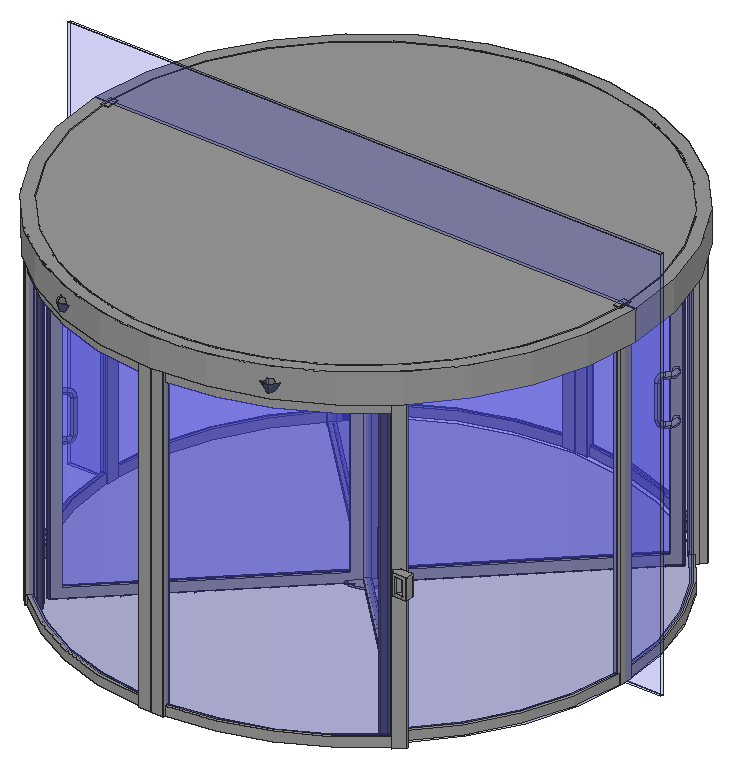
Revit family "Talos RDR-C01", category Türen, Revit 2016 (continued)
Automatic sketch dimensions
  Extrusion 5 sketch curve to Extrusion 5 sketch curve = 129.112 mm
  Extrusion 7 sketch curve to plane 9 = 20.00 mm
  plane 1 "Mitte (Vorne/Hinten)" to Extrusion 7 sketch curve = 42.50 mm
  Extrusion 11 sketch curve to plane 12 "180-1" = 83.00 mm
  level to Extrusion 12 sketch curve = 63.00 mm
  Extrusion 12 sketch curve to Extrusion 12 sketch curve = 1544.00 mm
  Extrusion 12 sketch curve to plane 8 "access height" = 63.00 mm
  level to Extrusion 13 sketch curve = 63.00 mm
  Extrusion 13 sketch curve to Extrusion 13 sketch curve = 1544.00 mm
  Extrusion 13 sketch curve to plane 8 "access height" = 63.00 mm
  level to Extrusion 14 sketch curve = 63.00 mm
  Extrusion 14 sketch curve to Extrusion 14 sketch curve = 1544.00 mm
  Extrusion 14 sketch curve to plane 8 "access height" = 63.00 mm
  plane 11 "180-4" to Extrusion 16 sketch curve = 83.00 mm
  level to Extrusion 16 sketch curve = 63.00 mm
  Extrusion 16 sketch curve to Extrusion 16 sketch curve = 1544.00 mm
  Extrusion 16 sketch curve to plane 8 "access height" = 63.00 mm
  plane 11 "180-4" to Extrusion 17 sketch curve = 83.00 mm
  level to Extrusion 17 sketch curve = 63.00 mm
  Extrusion 17 sketch curve to Extrusion 17 sketch curve = 1544.00 mm
  Extrusion 17 sketch curve to plane 8 "access height" = 63.00 mm
  Extrusion 19 sketch curve to plane 11 "180-4" = 83.00 mm
  level to Extrusion 19 sketch curve = 63.00 mm
  Extrusion 19 sketch curve to Extrusion 19 sketch curve = 1544.00 mm
  Extrusion 19 sketch curve to plane 8 "access height" = 63.00 mm
  Extrusion 20 sketch curve to plane 11 "180-4" = 83.00 mm
  level to Extrusion 20 sketch curve = 63.00 mm
  Extrusion 20 sketch curve to Extrusion 20 sketch curve = 1544.00 mm
  Extrusion 20 sketch curve to plane 8 "access height" = 63.00 mm
  Extrusion 21 sketch curve to plane 10 = 20.00 mm
  Extrusion 21 sketch curve to plane 1 "Mitte (Vorne/Hinten)" = 42.50 mm
  Extrusion 27 sketch curve to Extrusion 27 sketch curve = 1544.00 mm
  level to Extrusion 28 sketch curve = 63.00 mm
  Extrusion 28 sketch curve to Extrusion 28 sketch curve = 1544.00 mm
  Extrusion 28 sketch curve to plane 8 "access height" = 63.00 mm
  Extrusion 30 sketch curve to Extrusion 30 sketch curve = 1544.00 mm
  level to Extrusion 31 sketch curve = 63.00 mm
  Extrusion 31 sketch curve to Extrusion 31 sketch curve = 1544.00 mm
  Extrusion 31 sketch curve to plane 8 "access height" = 63.00 mm
  Extrusion 33 sketch curve to Extrusion 33 sketch curve = 1544.00 mm
  level to Extrusion 34 sketch curve = 63.00 mm
  Extrusion 34 sketch curve to Extrusion 34 sketch curve = 1544.00 mm
  Extrusion 34 sketch curve to plane 8 "access height" = 63.00 mm
  Extrusion 49 sketch curve to Extrusion 49 sketch curve = 0.00 mm  (x2)
  Extrusion 8 sketch curve to plane 9 = 9.336 mm
  plane 1 "Mitte (Vorne/Hinten)" to Extrusion 63 sketch curve = 0.00 mm
  Extrusion 63 sketch curve to plane 3 "Mitte (Links/Rechts)" = 0.00 mm
  curve 1 to curve 2 = 0.00 mm  (x2)
  curve 1 to curve 3 = 0.00 mm  (x2)
  curve 3 to curve 4 = 0.00 mm  (x2)
  curve 5 to plane 11 "180-4" = 0.00 mm
  curve 32 to plane 16 "120-2" = 0.00 mm
  curve 33 to plane 15 "120-1" = 0.00 mm
  plane 1 "Mitte (Vorne/Hinten)" to curve 4 = 0.00 mm
  curve 4 to plane 3 "Mitte (Links/Rechts)" = 0.00 mm
  plane 17 "120-3" to curve 32 = 0.00 mm
  curve 31 to plane 3 "Mitte (Links/Rechts)" = 3.486 mm
  curve 33 to plane 1 "Mitte (Vorne/Hinten)" = 22.943 mm
  curve 32 to plane 1 "Mitte (Vorne/Hinten)" = 16.905 mm
  plane 4 "Section L" to curve 5 = 6.212 mm
  plane 4 "Section L" to curve 8 = 6.212 mm
  plane 3 "Mitte (Links/Rechts)" to curve 9 = 120.941 mm
  curve 6 to plane 5 "Section R" = 6.212 mm
  curve 7 to plane 5 "Section R" = 6.212 mm
  Extrusion 2 sketch curve to Extrusion 2 sketch curve = 0.00 mm  (x6)
  plane 1 "Mitte (Vorne/Hinten)" to Extrusion 2 sketch curve = 0.00 mm
  Extrusion 2 sketch curve to plane 3 "Mitte (Links/Rechts)" = 0.00 mm
  plane 1 "Mitte (Vorne/Hinten)" to Extrusion 4 sketch curve = 0.00 mm
  Extrusion 4 sketch curve to plane 3 "Mitte (Links/Rechts)" = 0.00 mm
  Extrusion 6 sketch curve to Extrusion 6 sketch curve = 0.00 mm  (x6)
  plane 1 "Mitte (Vorne/Hinten)" to Extrusion 6 sketch curve = 0.00 mm
  Extrusion 6 sketch curve to plane 3 "Mitte (Links/Rechts)" = 0.00 mm
  Extrusion 10 sketch curve to level = 0.00 mm
  Extrusion 10 sketch curve to plane 8 "access height" = 0.00 mm
  Extrusion 15 sketch curve to level = 0.00 mm
  Extrusion 15 sketch curve to plane 8 "access height" = 0.00 mm
  level to Extrusion 18 sketch curve = 0.00 mm
  plane 8 "access height" to Extrusion 18 sketch curve = 0.00 mm
  Extrusion 26 sketch curve to plane 8 "access height" = 0.00 mm
  Extrusion 26 sketch curve to level = 0.00 mm
  Extrusion 29 sketch curve to plane 8 "access height" = 0.00 mm
  Extrusion 29 sketch curve to level = 0.00 mm
  plane 8 "access height" to Extrusion 32 sketch curve = 0.00 mm
  level to Extrusion 32 sketch curve = 0.00 mm
  Extrusion 35 sketch curve to Extrusion 35 sketch curve = 0.00 mm
  plane 1 "Mitte (Vorne/Hinten)" to Extrusion 35 sketch curve = 0.00 mm
  Extrusion 35 sketch curve to plane 3 "Mitte (Links/Rechts)" = 0.00 mm
  Extrusion 44 sketch curve to Extrusion 44 sketch curve = 0.00 mm
  plane 1 "Mitte (Vorne/Hinten)" to Extrusion 44 sketch curve = 0.00 mm
  Extrusion 44 sketch curve to plane 3 "Mitte (Links/Rechts)" = 0.00 mm
  Extrusion 45 sketch curve to plane 3 "Mitte (Links/Rechts)" = 0.00 mm
  Extrusion 45 sketch curve to Extrusion 45 sketch curve = 1.80 mm  (x2)
  Extrusion 45 sketch curve to Extrusion 45 sketch curve = 2.00 mm
  Extrusion 45 sketch curve to plane 3 "Mitte (Links/Rechts)" = 2.00 mm
  Extrusion 46 sketch curve to Extrusion 46 sketch curve = 2.00 mm  (x4)
  Extrusion 46 sketch curve to plane 3 "Mitte (Links/Rechts)" = 0.00 mm
  Extrusion 47 sketch curve to Extrusion 47 sketch curve = 2.00 mm  (x4)
  plane 12 "180-1" to Extrusion 47 sketch curve = 65.00 mm
  Extrusion 48 sketch curve to Extrusion 48 sketch curve = 2.00 mm  (x4)
  plane 11 "180-4" to Extrusion 48 sketch curve = 19.999 mm
  Extrusion 50 sketch curve to Extrusion 50 sketch curve = 0.00 mm  (x2)
  plane 1 "Mitte (Vorne/Hinten)" to Extrusion 50 sketch curve = 0.00 mm
  Extrusion 50 sketch curve to plane 3 "Mitte (Links/Rechts)" = 0.00 mm
  Extrusion 51 sketch curve to Extrusion 51 sketch curve = 0.00 mm  (x2)
  plane 1 "Mitte (Vorne/Hinten)" to Extrusion 51 sketch curve = 0.00 mm
  Extrusion 51 sketch curve to plane 3 "Mitte (Links/Rechts)" = 0.00 mm
  Extrusion 51 sketch curve to plane 3 "Mitte (Links/Rechts)" = 85.00 mm
  Extrusion 54 sketch curve to Extrusion 54 sketch curve = 1.80 mm  (x2)
  plane 3 "Mitte (Links/Rechts)" to Extrusion 54 sketch curve = 0.00 mm
  Extrusion 54 sketch curve to Extrusion 54 sketch curve = 2.00 mm  (x2)
  Extrusion 55 sketch curve to Extrusion 55 sketch curve = 2.00 mm  (x4)
  plane 3 "Mitte (Links/Rechts)" to Extrusion 55 sketch curve = 0.00 mm
  Extrusion 56 sketch curve to Extrusion 56 sketch curve = 2.00 mm  (x4)
  Extrusion 56 sketch curve to plane 11 "180-4" = 20.00 mm
  Extrusion 57 sketch curve to Extrusion 57 sketch curve = 2.00 mm  (x4)
  Extrusion 57 sketch curve to plane 12 "180-1" = 65.00 mm
  Extrusion 58 sketch curve to Extrusion 58 sketch curve = 0.00 mm  (x2)
  plane 1 "Mitte (Vorne/Hinten)" to Extrusion 58 sketch curve = 0.00 mm
  Extrusion 58 sketch curve to plane 3 "Mitte (Links/Rechts)" = 0.00 mm
  Extrusion 59 sketch curve to Extrusion 59 sketch curve = 0.00 mm  (x2)
  Extrusion 59 sketch curve to plane 12 "180-1" = 0.00 mm
  Extrusion 59 sketch curve to plane 17 "120-3" = 0.00 mm
  plane 3 "Mitte (Links/Rechts)" to Extrusion 59 sketch curve = 85.00 mm
  radius of Extrusion 63 sketch curve = 117.00 mm
Nested families
  nested 1: "rubber profile" at (-1194.457, 1286.404, 0) x (0.7071, -0.7071, 0) z (0, 0, 1), type "rubber profile"
    with ClearHeight 2100.00 mm
  nested 2: "rubber profile" at (1194.503, 1286.404, 0) x (-0.7071, -0.7071, 0) z (0, 0, 1), type "rubber profile"
    with ClearHeight 2100.00 mm
  nested 3: "rubber profile" at (-1194.457, -1286.404, 0) x (0.7071, 0.7071, 0) z (0, 0, 1), type "rubber profile"
    with ClearHeight 2100.00 mm
  nested 4: "rubber profile" at (1194.503, -1286.404, 0) x (-0.7071, 0.7071, 0) z (0, 0, 1), type "rubber profile"
    with ClearHeight 2100.00 mm
  nested 5: "handle" at (-1157.597, 1185.905, 0) x (0.7071, -0.7071, 0) z (0, 0, 1), visible <- "HasGrabHandles 180", type "handle"
  nested 6: "handle" at (164.375, 1649.073, 0) x (-0.0872, -0.9962, 0) z (0, 0, 1), visible <- "HasGrabHandles 120", type "handle"
  nested 7: "handle" at (1347.115, -967.66, 0) x (-0.8192, 0.5736, 0) z (0, 0, 1), visible <- "HasGrabHandles 120", type "handle"
  nested 8: "handle" at (1157.643, -1185.905, 0) x (-0.7071, 0.7071, 0) z (0, 0, 1), visible <- "HasGrabHandles 180", type "handle"
  nested 9: "handle" at (-1186.856, -1158.594, 0) x (0.7071, 0.7071, 0) z (0, 0, 1), visible <- "HasGrabHandles 180", type "handle"
  nested 10: "handle" at (-1511.541, -682.786, 0) x (0.9063, 0.4226, 0) z (0, 0, 1), visible <- "HasGrabHandles 120", type "handle"
  nested 11: "handle" at (1185.928, 1157.62, 0) x (-0.7071, -0.7071, 0) z (0, 0, 1), visible <- "HasGrabHandles 180", type "handle"
  nested 12: "console" at (1247.36, -1339.26, 950) x (0.7071, -0.7071, 0) z (0, 0, 1), visible <- "HasConsoleS1", type <- "ConsoleType", type "Type 4"
  nested 13: "console" at (-1247.313, 1339.26, 950) x (-0.7071, 0.7071, 0) z (0, 0, 1), visible <- "HasConsoleS1", type <- "ConsoleType", type "Type 4"
  nested 14: "emergencyStop" at (1318.306, 1364.154, 950), visible <- "ShutOffDevice", type "emergencyStop"
  nested 15: "emergencyStop" at (-1318.26, -1364.154, 950) x (-1, 0, 0) z (0, 0, 1), visible <- "ShutOffDeviceInside", type "emergencyStop"
  nested 16: "radar" at (697.272, -1683.309, 2146) x (0.9239, 0.3827, 0) z (0, 0, 1), visible <- "HasMotionSensor", type "radar"
  nested 17: "radar" at (-697.226, -1683.309, 2146) x (0.9239, -0.3827, 0) z (0, 0, 1), visible <- "HasMotionSensor", type "radar"
  nested 18: "radar" at (697.272, 1683.309, 2146) x (0.9239, -0.3827, 0) z (0, 0, 1), visible <- "HasMotionSensor", type "radar"
  nested 19: "radar" at (-697.226, 1683.309, 2146) x (0.9239, 0.3827, 0) z (0, 0, 1), visible <- "HasMotionSensor", type "radar"
Definition of nested family "rubber profile"
  Parameters
    RubberMaterial = none
    ClearHeight [instance] = 860.00 mm
  Reference planes
    plane 1 "Mitte (Vorne/Hinten)": y = 0
    plane 2: z = 0
    plane 3 "Mitte (Links/Rechts)": x = 0
    plane 4: z = 860
  Forms (mm)
    Extrusion 1, solid, material <- "RubberMaterial"
      sketch origin (959.147, -87.353, 0) x (0.707107, 0.707107, 0) y (-0.707107, 0.707107, 0)
        loop
          arc (-590.457, 784.714) -> (-606.688, 774.354) -> (-621.477, 762.023) r 151.839
          arc (-621.477, 762.023) -> (-625.471, 757.342) -> (-628.391, 751.926) r 29.082
          line (-628.391, 751.926) -> (-604.513, 728.049)
          arc (-604.513, 728.049) -> (-599.097, 730.968) -> (-594.416, 734.962) r 29.082
          arc (-594.416, 734.962) -> (-582.085, 749.751) -> (-571.725, 765.982) r 151.839
          arc (-571.725, 765.982) -> (-574.044, 782.395) -> (-590.457, 784.714) r 13.785
      from 0 to 860
  Dimensions and locks
    "ClearHeight": plane 2 to plane 4
    aligned and locked: level to plane 2
    aligned and locked: plane 4 to Extrusion 1
  Automatic sketch dimensions
    plane 1 "Mitte (Vorne/Hinten)" to Extrusion 1 sketch curve = 0.00 mm  (x2)
    Extrusion 1 sketch curve to plane 3 "Mitte (Links/Rechts)" = 0.00 mm
    Extrusion 1 sketch curve to plane 1 "Mitte (Vorne/Hinten)" = 7.937 mm
    Extrusion 1 sketch curve to plane 3 "Mitte (Links/Rechts)" = 132.648 mm
    Extrusion 1 sketch curve to Extrusion 1 sketch curve = 76.246 mm  (x2)
    Extrusion 1 sketch curve to Extrusion 1 sketch curve = 12.864 mm  (x2)
    Extrusion 1 sketch curve to Extrusion 1 sketch curve = 11.013 mm
    Extrusion 1 sketch curve to Extrusion 1 sketch curve = 3.039 mm
    Extrusion 1 sketch curve to Extrusion 1 sketch curve = 17.683 mm
    Extrusion 1 sketch curve to Extrusion 1 sketch curve = 87.47 mm
    Extrusion 1 sketch curve to Extrusion 1 sketch curve = 7.059 mm
    Extrusion 1 sketch curve to Extrusion 1 sketch curve = 0.00 mm  (x3)
Definition of nested family "handle"
  Parameters
    HandleMaterial = none
  Reference planes
    plane 1 "Mitte (Vorne/Hinten)": y = 0
    plane 2: z = 0
    plane 3 "Mitte (Links/Rechts)": x = 0
  Forms (mm)
    Sweep 1, solid, material <- "HandleMaterial"
      path in 3D
        loop
          line (0, 0, 1200) -> (0, 37, 1200)
          arc (0, 37, 1200) -> (10.251, 61.749, 1200) -> (35, 72, 1200) r 35
          line (35, 72, 1200) -> (70, 72, 1200)
          arc (70, 72, 1200) -> (94.749, 72, 1189.749) -> (105, 72, 1165) r 35
          line (105, 72, 1165) -> (105, 72, 935)
          arc (105, 72, 935) -> (94.749, 72, 910.251) -> (70, 72, 900) r 35
          line (70, 72, 900) -> (35, 72, 900)
          arc (35, 72, 900) -> (10.251, 61.749, 900) -> (0, 37, 900) r 35
          line (0, 37, 900) -> (0, 0, 900)
      profile origin (0, 18.5, 1200) x (-1, 0, 0) y (0, 0, 1)
        loop
          circle (0, 0) r 16
  Lines and regions (mm)
    sketch lines
      curve 1: line (0, 0, 1200) -> (0, 37, 1200)
      curve 2: arc (0, 37, 1200) -> (10.251, 61.749, 1200) -> (35, 72, 1200) r 35
      curve 3: line (70, 72, 1200) -> (35, 72, 1200)
      curve 4: arc (70, 72, 1200) -> (94.749, 72, 1189.749) -> (105, 72, 1165) r 35
      curve 5: line (105, 72, 1165) -> (105, 72, 935)
      curve 6: arc (70, 72, 900) -> (94.749, 72, 910.251) -> (105, 72, 935) r 35
      curve 7: line (70, 72, 900) -> (35, 72, 900)
      curve 8: arc (0, 37, 900) -> (10.251, 61.749, 900) -> (35, 72, 900) r 35
      curve 9: line (0, 0, 900) -> (0, 37, 900)
  Dimensions and locks
    aligned and locked: level to plane 2
Definition of nested family "console"
  Parameters
    OpeningStart = 18.00 mm
    ConsoleHeight = 138.00 mm
  Reference planes
    plane 1 "Mitte (Vorne/Hinten)": y = 0
    plane 2: z = 0
    plane 3 "Mitte (Links/Rechts)": x = 0
    plane 4 "loch": through (36.581, 1.377, 1200) normal (-0.7071, 0.7071, 0)
    plane 5: z = 20
    plane 6: z = 122
    plane 7: z = 140
    plane 8: z = 2
    plane 9: z = 142
  Forms (mm)
    Extrusion 1, solid
      sketch origin (0, 0, 0) x (1, 0, 0) y (0, 1, 0)
        loop
          arc (1.377, 51.025) -> (0.358, 49.5) -> (0, 47.701) r 4.7
          line (0, 47.701) -> (0, 4.7)
          arc (0, 4.7) -> (1.377, 1.377) -> (4.7, 0) r 4.7
          line (4.7, 0) -> (33.258, 0)
          arc (33.258, 0) -> (35.056, 0.358) -> (36.581, 1.377) r 4.7
          line (36.581, 1.377) -> (99.094, 63.889)
          arc (99.094, 63.889) -> (100.471, 67.213) -> (99.094, 70.536) r 4.7
          line (99.094, 70.536) -> (63.315, 106.316)
          arc (63.315, 106.316) -> (59.991, 107.692) -> (56.668, 106.316) r 4.7
          line (56.668, 106.316) -> (1.377, 51.025)
      from 0 to 2
    Extrusion 2, solid
      sketch origin (0, 0, 0) x (1, 0, 0) y (0, 1, 0)
        loop
          arc (1.377, 51.025) -> (0.358, 49.5) -> (0, 47.701) r 4.7
          line (0, 47.701) -> (0, 4.7)
          arc (0, 4.7) -> (1.377, 1.377) -> (4.7, 0) r 4.7
          line (4.7, 0) -> (33.258, 0)
          arc (33.258, 0) -> (35.056, 0.358) -> (36.581, 1.377) r 4.7
          line (36.581, 1.377) -> (99.094, 63.889)
          arc (99.094, 63.889) -> (100.471, 67.213) -> (99.094, 70.536) r 4.7
          line (99.094, 70.536) -> (63.315, 106.316)
          arc (63.315, 106.316) -> (59.991, 107.692) -> (56.668, 106.316) r 4.7
          line (56.668, 106.316) -> (1.377, 51.025)
      from 140 to 142
    Extrusion 3, solid
      sketch origin (0, 0, 0) x (1, 0, 0) y (0, 1, 0)
        loop
          arc (1.377, 51.025) -> (0.358, 49.5) -> (0, 47.701) r 4.7
          line (0, 47.701) -> (0, 4.7)
          arc (0, 4.7) -> (1.377, 1.377) -> (4.7, 0) r 4.7
          line (4.7, 0) -> (33.258, 0)
          arc (33.258, 0) -> (35.056, 0.358) -> (36.581, 1.377) r 4.7
          line (36.581, 1.377) -> (99.094, 63.889)
          arc (99.094, 63.889) -> (100.471, 67.213) -> (99.094, 70.536) r 4.7
          line (99.094, 70.536) -> (63.315, 106.316)
          arc (63.315, 106.316) -> (59.991, 107.692) -> (56.668, 106.316) r 4.7
          line (56.668, 106.316) -> (1.377, 51.025)
        loop
          line (58.153, 104.831) -> (2.862, 49.54)
          arc (2.862, 49.54) -> (2.298, 48.696) -> (2.1, 47.701) r 2.6
          line (2.1, 47.701) -> (2.1, 4.7)
          arc (2.1, 4.7) -> (2.862, 2.862) -> (4.7, 2.1) r 2.6
          line (4.7, 2.1) -> (33.258, 2.1)
          arc (33.258, 2.1) -> (34.253, 2.298) -> (35.096, 2.862) r 2.6
          line (35.096, 2.862) -> (97.609, 65.374)
          arc (97.609, 65.374) -> (98.371, 67.213) -> (97.609, 69.051) r 2.6
          line (97.609, 69.051) -> (61.83, 104.831)
          arc (61.83, 104.831) -> (59.991, 105.592) -> (58.153, 104.831) r 2.6
      from 2 to 140
    Extrusion 4, void
      sketch origin (17.602, -17.602, -32.1) x (-0.707107, -0.707107, 0) y (0, 0, 1)
        loop
          line (-46.447, 154.1) -> (-95.447, 154.1)
          arc (-95.447, 154.1) -> (-97.215, 153.368) -> (-97.947, 151.6) r 2.5
          line (-97.947, 151.6) -> (-97.947, 54.6)
          arc (-97.947, 54.6) -> (-97.215, 52.832) -> (-95.447, 52.1) r 2.5
          line (-95.447, 52.1) -> (-46.447, 52.1)
          arc (-46.447, 52.1) -> (-44.679, 52.832) -> (-43.947, 54.6) r 2.5
          line (-43.947, 54.6) -> (-43.947, 151.6)
          arc (-43.947, 151.6) -> (-44.679, 153.368) -> (-46.447, 154.1) r 2.5
      from 0 to 2
  Cuts and joins
    Extrusion 4 cuts Extrusion 3
    joined: Extrusion 1, Extrusion 2, Extrusion 3
  Dimensions and locks
    "ConsoleHeight": plane 8 to plane 7
    locked: plane 2 to plane 8 at 2
    plane 6 to plane 7 to plane 9 = 18.00 mm locked, 2.00 mm locked
    "OpeningStart": plane 8 to plane 5
    aligned and locked: level to plane 2
    aligned and locked: Extrusion 2 to Extrusion 3
    aligned and locked: Extrusion 1 to level
    aligned and locked: Extrusion 3 to Extrusion 1
    aligned and locked: plane 6 to Extrusion 4
    aligned and locked: Extrusion 4 to plane 5
    aligned and locked: plane 9 to Extrusion 2
    aligned and locked: plane 7 to cut or joined group of Extrusion 1, Extrusion 2, Extrusion 3, Extrusion 4
    aligned and locked: plane 6 to cut or joined group of Extrusion 1, Extrusion 2, Extrusion 3, Extrusion 4
  Automatic sketch dimensions
    Extrusion 1 sketch curve to plane 3 "Mitte (Links/Rechts)" = 0.00 mm
    plane 1 "Mitte (Vorne/Hinten)" to Extrusion 1 sketch curve = 0.00 mm
    Extrusion 1 sketch curve to plane 4 "loch" = 0.00 mm  (x2)
    plane 3 "Mitte (Links/Rechts)" to Extrusion 1 sketch curve = 1.377 mm
    plane 3 "Mitte (Links/Rechts)" to Extrusion 1 sketch curve = 4.70 mm
    Extrusion 1 sketch curve to Extrusion 1 sketch curve = 4.70 mm
    Extrusion 1 sketch curve to plane 1 "Mitte (Vorne/Hinten)" = 4.70 mm
    Extrusion 1 sketch curve to plane 1 "Mitte (Vorne/Hinten)" = 1.377 mm
    plane 3 "Mitte (Links/Rechts)" to Extrusion 1 sketch curve = 56.668 mm
    Extrusion 1 sketch curve to Extrusion 1 sketch curve = 3.323 mm  (x4)
    Extrusion 1 sketch curve to Extrusion 1 sketch curve = 35.78 mm  (x2)
    Extrusion 1 sketch curve to plane 1 "Mitte (Vorne/Hinten)" = 70.536 mm
    Extrusion 1 sketch curve to plane 1 "Mitte (Vorne/Hinten)" = 63.889 mm
    Extrusion 1 sketch curve to Extrusion 1 sketch curve = 43.001 mm
    Extrusion 2 sketch curve to plane 3 "Mitte (Links/Rechts)" = 0.00 mm
    plane 1 "Mitte (Vorne/Hinten)" to Extrusion 2 sketch curve = 0.00 mm
    Extrusion 2 sketch curve to plane 4 "loch" = 0.00 mm  (x2)
    plane 3 "Mitte (Links/Rechts)" to Extrusion 2 sketch curve = 1.377 mm
    plane 3 "Mitte (Links/Rechts)" to Extrusion 2 sketch curve = 4.70 mm
    Extrusion 2 sketch curve to Extrusion 2 sketch curve = 4.70 mm
    Extrusion 2 sketch curve to plane 1 "Mitte (Vorne/Hinten)" = 4.70 mm
    Extrusion 2 sketch curve to plane 1 "Mitte (Vorne/Hinten)" = 1.377 mm
    plane 3 "Mitte (Links/Rechts)" to Extrusion 2 sketch curve = 56.668 mm
    Extrusion 2 sketch curve to Extrusion 2 sketch curve = 3.323 mm  (x4)
    Extrusion 2 sketch curve to Extrusion 2 sketch curve = 35.78 mm  (x2)
    Extrusion 2 sketch curve to plane 1 "Mitte (Vorne/Hinten)" = 70.536 mm
    Extrusion 2 sketch curve to plane 1 "Mitte (Vorne/Hinten)" = 63.889 mm
    Extrusion 2 sketch curve to Extrusion 2 sketch curve = 43.001 mm
    Extrusion 3 sketch curve to Extrusion 3 sketch curve = 0.00 mm  (x10)
    Extrusion 3 sketch curve to plane 3 "Mitte (Links/Rechts)" = 0.00 mm
    plane 1 "Mitte (Vorne/Hinten)" to Extrusion 3 sketch curve = 0.00 mm
    Extrusion 3 sketch curve to plane 4 "loch" = 0.00 mm  (x2)
    plane 3 "Mitte (Links/Rechts)" to Extrusion 3 sketch curve = 1.377 mm
    Extrusion 3 sketch curve to Extrusion 3 sketch curve = 2.10 mm
    Extrusion 3 sketch curve to Extrusion 3 sketch curve = 0.762 mm
    plane 3 "Mitte (Links/Rechts)" to Extrusion 3 sketch curve = 4.70 mm
    Extrusion 3 sketch curve to Extrusion 3 sketch curve = 1.838 mm  (x6)
    Extrusion 3 sketch curve to Extrusion 3 sketch curve = 28.558 mm
    Extrusion 3 sketch curve to plane 1 "Mitte (Vorne/Hinten)" = 2.862 mm
    Extrusion 3 sketch curve to plane 1 "Mitte (Vorne/Hinten)" = 1.377 mm
    plane 3 "Mitte (Links/Rechts)" to Extrusion 3 sketch curve = 56.668 mm
    Extrusion 3 sketch curve to Extrusion 3 sketch curve = 1.485 mm  (x5)
    Extrusion 3 sketch curve to Extrusion 3 sketch curve = 35.78 mm  (x2)
    Extrusion 3 sketch curve to plane 1 "Mitte (Vorne/Hinten)" = 63.889 mm
    Extrusion 3 sketch curve to plane 1 "Mitte (Vorne/Hinten)" = 70.536 mm
    Extrusion 3 sketch curve to Extrusion 3 sketch curve = 43.001 mm
    plane 5 to Extrusion 4 sketch curve = 0.00 mm
    plane 6 to Extrusion 4 sketch curve = 0.00 mm
    plane 5 to Extrusion 4 sketch curve = 2.50 mm
    Extrusion 4 sketch curve to Extrusion 4 sketch curve = 2.50 mm
    Extrusion 4 sketch curve to Extrusion 4 sketch curve = 49.00 mm  (x2)
    Extrusion 4 sketch curve to plane 6 = 2.50 mm
Definition of nested family "emergencyStop"
  Reference planes
    plane 1 "Mitte (Vorne/Hinten)": y = 0
    plane 2: z = 0
    plane 3 "Mitte (Links/Rechts)": x = 0
  Forms (mm)
    Extrusion 1, solid
      sketch origin (0, 0, 0) x (1, 0, 0) y (0, 1, 0)
        loop
          arc (-33.893, 60) -> (-35.692, 59.642) -> (-37.217, 58.623) r 4.7
          line (-37.217, 58.623) -> (-61.047, 34.793) -> (-67.623, 28.217)
          arc (-67.623, 28.217) -> (-69, 24.893) -> (-67.623, 21.57) r 4.7
          line (-67.623, 21.57) -> (-47.43, 1.377)
          arc (-47.43, 1.377) -> (-45.905, 0.358) -> (-44.107, 0) r 4.7
          line (-44.107, 0) -> (44.3, 0)
          arc (44.3, 0) -> (47.623, 1.377) -> (49, 4.7) r 4.7
          line (49, 4.7) -> (49, 55.3)
          arc (49, 55.3) -> (47.623, 58.623) -> (44.3, 60) r 4.7
          line (44.3, 60) -> (-33.893, 60)
      from 0 to 93
    Extrusion 2, solid
      sketch origin (0, 0, 0) x (1, 0, 0) y (0, 0, 1)
        loop
          line (29.15, 80.65) -> (-29.15, 80.65)
          arc (-29.15, 80.65) -> (-32.686, 79.186) -> (-34.15, 75.65) r 5
          line (-34.15, 75.65) -> (-34.15, 17.35)
          arc (-34.15, 17.35) -> (-32.686, 13.814) -> (-29.15, 12.35) r 5
          line (-29.15, 12.35) -> (29.15, 12.35)
          arc (29.15, 12.35) -> (32.686, 13.814) -> (34.15, 17.35) r 5
          line (34.15, 17.35) -> (34.15, 75.65)
          arc (34.15, 75.65) -> (32.686, 79.186) -> (29.15, 80.65) r 5
      from 0 to 5
    Extrusion 3, solid
      sketch origin (0, 0, 0) x (1, 0, 0) y (0, 0, 1)
        loop
          circle (0, 46.5) r 14
      from 5 to 11.5
    Extrusion 4, solid
      sketch origin (0, 0, 0) x (1, 0, 0) y (0, 0, 1)
        loop
          circle (0, 46.5) r 17.5
      from 11.5 to 42.662
  Dimensions and locks
    aligned and locked: level to plane 2
Definition of nested family "radar"
  Reference planes
    plane 1 "Mitte (Vorne/Hinten)": y = 0
    plane 2: z = 0
    plane 3 "Mitte (Links/Rechts)": x = 0
  Forms (mm)
    Blend 1, solid
      base sketch origin (0, 0, 0) x (1, 0, 0) y (0, 1, 0)
        loop
          spline (-60.45, 0) -> (-59.155, -6.959) -> (-55.927, -13.157) -> (-51.487, -18.421) -> (-46.303, -22.716) -> (-40.758, -26.39) -> (-35.188, -30.007) -> (-29.772, -33.862) -> (-24.41, -37.889) -> (-19.005, -41.952) -> (-13.271, -45.784) -> (-6.991, -48.733) -> (0, -49.951)
          spline (0, -49.951) -> (6.991, -48.733) -> (13.271, -45.784) -> (19.005, -41.952) -> (24.41, -37.889) -> (29.772, -33.862) -> (35.188, -30.007) -> (40.758, -26.39) -> (46.303, -22.716) -> (51.487, -18.421) -> (55.927, -13.157) -> (59.155, -6.959) -> (60.45, 0)
          line (60.45, 0) -> (-60.45, 0)
      top sketch origin (0, 0, 0) x (1, 0, 0) y (0, 1, 0)
        loop
          spline (-27.676, 0) -> (-27.152, -3.756) -> (-25.798, -7.293) -> (-23.885, -10.569) -> (-21.62, -13.603) -> (-19.165, -16.479) -> (-16.675, -19.338) -> (-14.286, -22.26) -> (-11.915, -25.206) -> (-9.472, -28.08) -> (-6.777, -30.784) -> (-3.67, -32.898) -> (0, -33.799)
          spline (0, -33.799) -> (3.67, -32.898) -> (6.777, -30.784) -> (9.472, -28.08) -> (11.915, -25.206) -> (14.286, -22.26) -> (16.675, -19.338) -> (19.165, -16.479) -> (21.62, -13.603) -> (23.885, -10.569) -> (25.798, -7.293) -> (27.152, -3.756) -> (27.676, 0)
          line (27.676, 0) -> (-27.676, 0)
      from 54 to 0
    Blend 2, solid
      base sketch origin (0, 0, 0) x (1, 0, 0) y (0, 1, 0)
        loop
          spline (-27.676, 0) -> (-27.152, -3.756) -> (-25.798, -7.293) -> (-23.885, -10.569) -> (-21.62, -13.603) -> (-19.165, -16.479) -> (-16.675, -19.338) -> (-14.286, -22.26) -> (-11.915, -25.206) -> (-9.472, -28.08) -> (-6.777, -30.784) -> (-3.67, -32.898) -> (0, -33.799)
          spline (0, -33.799) -> (3.67, -32.898) -> (6.777, -30.784) -> (9.472, -28.08) -> (11.915, -25.206) -> (14.286, -22.26) -> (16.675, -19.338) -> (19.165, -16.479) -> (21.62, -13.603) -> (23.885, -10.569) -> (25.798, -7.293) -> (27.152, -3.756) -> (27.676, 0)
          line (27.676, 0) -> (-27.676, 0)
      top sketch origin (0, 0, 0) x (1, 0, 0) y (0, 1, 0)
        loop
          spline (-37.831, 0) -> (-37.089, -4.675) -> (-35.189, -9.009) -> (-32.514, -12.919) -> (-29.342, -16.427) -> (-25.9, -19.663) -> (-22.409, -22.86) -> (-19.032, -26.156) -> (-15.693, -29.501) -> (-12.313, -32.792) -> (-8.682, -35.875) -> (-4.626, -38.254) -> (0, -39.247)
          spline (0, -39.247) -> (4.626, -38.254) -> (8.682, -35.875) -> (12.313, -32.792) -> (15.693, -29.501) -> (19.032, -26.156) -> (22.409, -22.86) -> (25.9, -19.663) -> (29.342, -16.427) -> (32.514, -12.919) -> (35.189, -9.009) -> (37.089, -4.675) -> (37.831, 0)
          line (37.831, 0) -> (-37.831, 0)
      from 80 to 54
  Dimensions and locks
    aligned and locked: level to plane 2
Types (8, lengths in mm): name | Width | StandardUsed | RotationInterval 180 | RotationInterval 120 | ProfileCenter | MotionSensorOutside | MotionSensorInside | OuterDiameter | Height | HasShellTopFrame | HasMotionSensor | HasLockInside | HasLock | HasIntegralShutOffDevice | HasGrabHandles 180 | HasGrabHandles 120 | HasConsoleS2 | HasConsoleS1 | HandleMaterial | DoorWidth | DoorThicknessRight | DoorThicknessLeft | DoorThickness | Dicke | DiameterNightLockGlassOutside | DiameterNightLockGlassInside | DiameterNightLockFrame | DiameterNightLockCover | DiameterNightLock | DiameterGlassInside | DiameterGlassOutside | DiameterCoverFront | Diameter | CoverWidth | ConsoleType | ConsoleS2 | ConsoleS1 | ClearHeight | BaseType | AccessLengthOrRadius
  RDR-C01 2000 | 2100.00 | "32" | yes | no | 0.00 | 1060.00 | 1060.00 | "2100 mm" | 2300.00 | yes | no | no | no | no | yes | no | no | no | PA6.6 Gf30(schwarz) | 970.00 | 20.00 | -20.00 | 40.00 | 40.00 | 1109.00 | 1101.00 | 1081.00 | 1120.00 | 1090.00 | 1040.00 | 1050.00 | 1140.00 | 1060.00 | 200.00 | console : Type 4 | 1081.00 | 1081.00 | 2100.00 | "60 mm - 69 mm" | 1030.00
  RDR-C01 2200 | 2300.00 | "33" | no | yes | 7.50 | 1222.00 | 1160.00 | "2300 mm" | 2400.00 | no | yes | no | yes | no | no | yes | yes | yes | 1.4401 - A4 | 1070.00 | 12.50 | -12.50 | 25.00 | 25.00 | 1209.00 | 1201.00 | 1181.00 | 1220.00 | 1190.00 | 1140.00 | 1150.00 | 1240.00 | 1160.00 | 100.00 | console : Type 5 | 1229.00 | 1181.00 | 2300.00 | "60 mm - 69 mm" | 1130.00
  RDR-C01 2400 | 2500.00 | "34" | yes | no | 7.50 | 1260.00 | 1260.00 | "2500 mm" | 2600.00 | yes | no | no | no | no | yes | no | yes | yes | PA6.6 Gf30(schwarz) | 1170.00 | 12.50 | -12.50 | 25.00 | 25.00 | 1309.00 | 1301.00 | 1281.00 | 1320.00 | 1290.00 | 1240.00 | 1250.00 | 1340.00 | 1260.00 | 300.00 | console : Type 4 | 1281.00 | 1281.00 | 2300.00 | "60 mm - 69 mm" | 1230.00
  RDR-C01 2600 | 2700.00 | "35" | no | yes | 0.00 | 1360.00 | 1360.00 | "2700 mm" | 2300.00 | no | no | no | no | no | no | yes | yes | yes | 1.4401 - A4 | 1270.00 | 20.00 | -20.00 | 40.00 | 40.00 | 1409.00 | 1401.00 | 1381.00 | 1420.00 | 1390.00 | 1340.00 | 1350.00 | 1440.00 | 1360.00 | 200.00 | console : Type 5 | 1381.00 | 1381.00 | 2100.00 | "60 mm - 99 mm" | 1330.00
  RDR-C01 2800 | 2900.00 | "36" | yes | no | 0.00 | 1460.00 | 1460.00 | "2900 mm" | 2500.00 | yes | no | no | no | no | yes | no | no | no | PA6.6 Gf30(schwarz) | 1370.00 | 20.00 | -20.00 | 40.00 | 40.00 | 1509.00 | 1501.00 | 1481.00 | 1520.00 | 1490.00 | 1440.00 | 1450.00 | 1540.00 | 1460.00 | 300.00 | console : Type 4 | 1481.00 | 1481.00 | 2200.00 | "60 mm - 190 mm" | 1430.00
  RDR-C01 3000 | 3100.00 | "37" | no | yes | 0.00 | 1560.00 | 1560.00 | "3100 mm" | 2500.00 | no | no | no | no | no | no | yes | no | no | 1.4401 - A4 | 1470.00 | 20.00 | -20.00 | 40.00 | 40.00 | 1609.00 | 1601.00 | 1581.00 | 1620.00 | 1590.00 | 1540.00 | 1550.00 | 1640.00 | 1560.00 | 200.00 | console : Type 5 | 1581.00 | 1581.00 | 2300.00 | "60 mm - 129 mm" | 1530.00
  RDR-C01 3200 | 3300.00 | "38" | yes | no | 0.00 | 1660.00 | 1660.00 | "3300 mm" | 2300.00 | yes | no | no | no | no | yes | no | no | no | PA6.6 Gf30(schwarz) | 1570.00 | 20.00 | -20.00 | 40.00 | 40.00 | 1709.00 | 1701.00 | 1681.00 | 1720.00 | 1690.00 | 1640.00 | 1650.00 | 1740.00 | 1660.00 | 200.00 | console : Type 4 | 1681.00 | 1681.00 | 2100.00 | "60 mm - 149 mm" | 1630.00
  RDR-C01 3400 | 3500.00 | "39" | yes | no | 0.00 | 1822.00 | 1822.00 | "3500 mm" | 2300.00 | no | yes | yes | yes | yes | yes | no | yes | yes | 1.4401 - A4 | 1670.00 | 20.00 | -20.00 | 40.00 | 40.00 | 1809.00 | 1801.00 | 1781.00 | 1820.00 | 1790.00 | 1740.00 | 1750.00 | 1840.00 | 1760.00 | 200.00 | console : Type 4 | 1829.00 | 1829.00 | 2100.00 | "60 mm - 169 mm" | 1730.00
